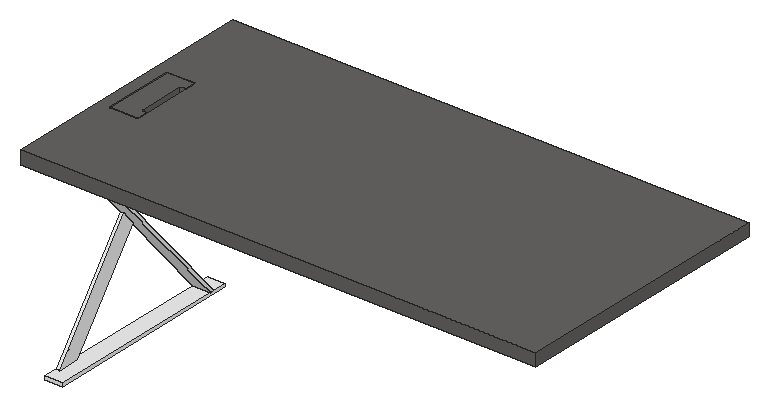
Revit family "Table-Teknion-ZXXR_X_Leg_Run_Off-R2011", category Furniture, Revit 2013
Parameters (values of type "(See Type Catalog)")
  With Grommet = yes
  Width = 70"
  Warranty = "http://www.teknionstudio.com/pdfs/Teknion%20Studio%20Warranty.pdf"
  Unit Weight = 135.00 lbf
  URL = "www.teknionstudio.com"
  Table Top Finish [instance] = Veneer - Teknion - P7 - Grey Oak
  Series = "B&B Italia"
  Product Page URL = "http://www.teknionstudio.com/acexecutive/"
  Product Line = "AC Executive"
  Product Documentation Link = "http://www.teknionstudio.com/pricing/ac_executive_ppg.pdf"
  Part Number = "ZXXR"
  Model = ""
  Manufacturer Phone = "919-464-2920"
  Manufacturer Fax = "919-464-2927"
  Manufacturer Email = "customersupport@teknionstudio.com"
  Manufacturer Address = "3940 US 70 Business HWY West, Clayton, NC 27520"
  Manufacturer = "Teknion Studio"  # constant formula
  Low Emitting Material = yes
  Low Emitting Finish = yes
  Height = 29.7244"
  Grommet Void = if(With Grommet, 10 1/2", 2")  # 10 1/2"
  Frame Finish = Metal - Teknion - C6 - Chrome
  Description = ""
  Depth = 36"
  Assembly Code = "E2020200"
Reference planes (in)
  plane 1 "Center F/B": y = 0
  plane 2: z = 0
  plane 3 "Center L/R": x = 0
  plane 4 "Left": x = -35
  plane 5 "Right": x = 35
  plane 6 "Back": y = 18
  plane 7 "Front": y = -18
  plane 8 "Top": z = 29.7244
  plane 9: z = 27.9527
  plane 10: y = 13.77955
  plane 11: y = -13.77955
  plane 12: z = 19.7244
  plane 13: z = 30.2244
Forms (in)
  Sweep 1, solid, material "Veneer - Teknion - P7 - Grey Oak" <- "Table Top Finish"
    path origin (0, 0, 15.40683) x (-1, 0, 0) y (0, -1, 0)
      loop
        line (-35, 0) -> (35, 0)
    profile origin (0, 0, 15.40683) x (0, -1, 0) y (0, 0, 1)
      loop
        line (-18, 14.31757) -> (-18, 12.54587) -> (18, 12.54587) -> (18, 14.31757) -> (-18, 14.31757)
  Sweep 2, solid, material "Metal - Teknion - C6 - Chrome" <- "Frame Finish"
    path origin (0, 0, 29.7244) x (-1, 0, 0) y (0, -1, 0)
      loop
        line (0, -13.77955) -> (0, 13.77955)
    profile origin (0, 0, 29.7244) x (1, 0, 0) y (0, 0, 1)
      loop
        line (-35, -1.7717) -> (-35, -2.1654) -> (-32.6378, -2.1654) -> (-32.6378, -1.7717) -> (-35, -1.7717)
      loop
        line (-35, -29.3307) -> (-35, -29.7244) -> (-32.6378, -29.7244) -> (-32.6378, -29.3307) -> (-35, -29.3307)
  Sweep 3, solid, material "Metal - Teknion - C6 - Chrome" <- "Frame Finish"
    path origin (0, 0, 29.7244) x (-1, 0, 0) y (0, -1, 0)
      loop
        line (32.6378, 10.6496) -> (-32.6378, 10.6496)
    profile origin (0, -10.6496, 29.7244) x (0, 1, 0) y (0, 0, 1)
      loop
        line (0.49215, -2.756) -> (0.49215, -1.7717) -> (-0.49215, -1.7717) -> (-0.49215, -2.756) -> (0.49215, -2.756)
  Sweep 4, solid, material "Metal - Teknion - C6 - Chrome" <- "Frame Finish"
    path origin (0, 0, 0) x (1, 0, 0) y (0, 0, 1)
      loop
        line (-35, 0) -> (-34.6063, 0)
    profile origin (-34.80315, 0, 0) x (0, 0, 1) y (0, -1, 0)
      loop
        line (27.559, -8.84354) -> (0.3937, 11.81102) -> (0.3937, 8.84356) -> (27.559, -11.81099) -> (27.559, -8.84354)
  Sweep 5, solid, material "Metal - Teknion - C6 - Chrome" <- "Frame Finish"
    path origin (0, 0, 0) x (1, 0, 0) y (0, 0, 1)
      loop
        line (-32.6378, 0) -> (-35, 0)
    profile origin (-33.8189, 0, 0) x (0, 0, -1) y (0, -1, 0)
      loop
        line (-27.55905, 11.81102) -> (-27.55905, 11.29418) -> (-0.39369, -11.81102) -> (-0.39369, -11.29418) -> (-27.55905, 11.81102)
  Sweep 6, void
    path origin (0, 0, 0) x (1, 0, 0) y (0, 0, 1)
      loop
        line (0, 19.7244) -> (0, 30.2244)
    profile origin (0, 0, 24.9744) x (-1, 0, 0) y (0, -1, 0)
      loop
        line (29.61319, -3.34646) -> (29.61319, -4.67008)
        arc (29.61319, -4.67008) -> (29.65015, -4.7593) -> (29.73937, -4.79626) r 0.12618
        line (29.73937, -4.79626) -> (33.17402, -4.79626)
        arc (33.17402, -4.79626) -> (33.26324, -4.7593) -> (33.3002, -4.67008) r 0.12618
        line (33.3002, -4.67008) -> (33.3002, 4.67008)
        arc (33.3002, 4.67008) -> (33.26324, 4.7593) -> (33.17402, 4.79626) r 0.12618
        line (33.17402, 4.79626) -> (29.73937, 4.79626)
        arc (29.73937, 4.79626) -> (29.65015, 4.7593) -> (29.61319, 4.67008) r 0.12618
        line (29.61319, 4.67008) -> (29.61319, 3.34646) -> (29.88189, 3.34646)
        arc (29.88189, 3.34646) -> (30.16028, 3.23114) -> (30.27559, 2.95276) r 0.3937
        line (30.27559, 2.95276) -> (30.27559, -2.95276)
        arc (30.27559, -2.95276) -> (30.16028, -3.23114) -> (29.88189, -3.34646) r 0.3937
        line (29.88189, -3.34646) -> (29.61319, -3.34646)
      loop
        arc (29.48819, -4.76378) -> (29.53431, -4.87513) -> (29.64567, -4.92126) r 0.15748
        line (29.64567, -4.92126) -> (33.26772, -4.92126)
        arc (33.26772, -4.92126) -> (33.37907, -4.87513) -> (33.4252, -4.76378) r 0.15748
        line (33.4252, -4.76378) -> (33.4252, 4.76378)
        arc (33.4252, 4.76378) -> (33.37907, 4.87513) -> (33.26772, 4.92126) r 0.15748
        line (33.26772, 4.92126) -> (29.64567, 4.92126)
        arc (29.64567, 4.92126) -> (29.53431, 4.87513) -> (29.48819, 4.76378) r 0.15748
        line (29.48819, 4.76378) -> (29.48819, -4.76378)
Cuts and joins
  Sweep 6 cuts Sweep 4
  joined: Sweep 4, Sweep 5
  Sweep 6 cuts Sweep 1
Lines and regions (in)
  Masking region 1
    outline origin (0, 0, 29.7244) x (-1, 0, 0) y (0, -1, 0)
      loop
        line (35, -18) -> (35, 18) -> (-35, 18) -> (-35, -18) -> (35, -18)
  symbolic lines, visible <- "With Grommet", detail levels fine
    curve 1: arc (-30.27559, 2.95276, 29.7244) -> (-30.16028, 3.23114, 29.7244) -> (-29.88189, 3.34646, 29.7244) r 0.3937
    curve 2: line (-29.88189, 3.34646, 29.7244) -> (-29.48819, 3.34646, 29.7244)
    curve 4: line (-29.48819, -3.34646, 29.7244) -> (-29.88189, -3.34646, 29.7244)
    curve 5: arc (-29.88189, -3.34646, 29.7244) -> (-30.16028, -3.23114, 29.7244) -> (-30.27559, -2.95276, 29.7244) r 0.3937
    curve 6: line (-30.27559, -2.95276, 29.7244) -> (-30.27559, 2.95276, 29.7244)
  symbolic lines, visible <- "With Grommet"
    curve 3: line (-29.48819, 4.76378, 29.7244) -> (-29.48819, -4.76378, 29.7244)
    curve 7: line (-29.64567, -4.92126, 29.7244) -> (-33.26772, -4.92126, 29.7244)
    curve 8: arc (-29.64567, -4.92126, 29.7244) -> (-29.53431, -4.87513, 29.7244) -> (-29.48819, -4.76378, 29.7244) r 0.15748
    curve 9: arc (-33.4252, -4.76378, 29.7244) -> (-33.37907, -4.87513, 29.7244) -> (-33.26772, -4.92126, 29.7244) r 0.15748
    curve 10: line (-33.4252, -4.76378, 29.7244) -> (-33.4252, 4.76378, 29.7244)
    curve 11: arc (-29.48819, 4.76378, 29.7244) -> (-29.53431, 4.87513, 29.7244) -> (-29.64567, 4.92126, 29.7244) r 0.15748
    curve 12: line (-33.26772, 4.92126, 29.7244) -> (-29.64567, 4.92126, 29.7244)
    curve 13: arc (-29.64567, 4.92126, 29.7244) -> (-29.53431, 4.87513, 29.7244) -> (-29.48819, 4.76378, 29.7244) r 0.15748
    curve 14: arc (-33.4252, 4.76378, 29.7244) -> (-33.37907, 4.87513, 29.7244) -> (-33.26772, 4.92126, 29.7244) r 0.15748
  symbolic lines, style "FurnitureHiddenLines", detail levels medium+fine
    curve 15: line (-35, 13.77955, 29.7244) -> (-32.6378, 13.77955, 29.7244)
    curve 16: line (-32.6378, 13.77955, 29.7244) -> (-32.6378, -13.77955, 29.7244)
    curve 17: line (-32.6378, -13.77955, 29.7244) -> (-35, -13.77955, 29.7244)
Dimensions and locks (in)
  "Height": plane 8 "Top" to plane 2
  equal spacing: plane 4 "Left", plane 3 "Center L/R", plane 5 "Right"
  "Width": plane 4 "Left" to plane 5 "Right"
  equal spacing: plane 6 "Back", plane 1 "Center F/B", plane 7 "Front"
  "Depth": plane 6 "Back" to plane 7 "Front"
  locked: plane 8 "Top" to plane 9 at 1.7717
  locked: plane 9 to Sweep 2 sketch curve at 0.3937
  locked: plane 4 "Left" to Sweep 2 sketch curve at 2.3622  (x2)
  locked: Sweep 2 sketch curve to plane 2 at 0.3937
  locked: plane 1 "Center F/B" to plane 10 at 13.77955
  equal spacing: plane 10, plane 1 "Center F/B", plane 11
  locked: Sweep 3 sketch curve to plane 1 "Center F/B" at 10.6496
  locked: plane 4 "Left" to Sweep 3 sketch curve at 2.3622
  locked: Sweep 3 sketch curve to plane 5 "Right" at 2.3622
  locked: Sweep 3 sketch curve to plane 9 at 0.9843
  equal spacing: Sweep 3 sketch curve, profile plane, Sweep 3 sketch curve, locked at 0.49215 each
  locked: Sweep 4 sketch curve to plane 4 "Left" at 0.3937
  locked: plane 9 to Sweep 4 sketch curve at 0.3937
  locked: Sweep 4 sketch curve to plane 2 at 0.3937
  locked: Sweep 4 sketch curve to Sweep 4 sketch curve at 2.3622
  Sweep 4 sketch curve to plane 1 "Center F/B" to Sweep 4 sketch curve = 11.81099" locked, 11.81102" locked
  locked: Sweep 5 sketch curve to plane 4 "Left" at 2.3622
  locked: Sweep 5 sketch curve to Sweep 5 sketch curve at 0.3937
  locked: plane 9 to Sweep 5 sketch curve at 0.39365
  locked: Sweep 5 sketch curve to plane 2 at 0.39369
  Sweep 5 sketch curve to plane 1 "Center F/B" to Sweep 5 sketch curve = 11.81102" locked, 11.81102" locked
  locked: plane 8 "Top" to plane 12 at 10
  "Grommet Void": plane 13 to plane 12
  locked: plane 4 "Left" to Sweep 6 sketch curve at 5.51181
  Sweep 6 sketch curve to plane 1 "Center F/B" to Sweep 6 sketch curve = 3.34646" locked, 3.34646" locked
  locked: Sweep 6 sketch curve to Sweep 6 sketch curve at 0.7874
  Sweep 6 sketch curve to plane 1 "Center F/B" to Sweep 6 sketch curve = 4.92126" locked, 4.92126" locked
  locked: plane 4 "Left" to curve 16 at 2.3622
  aligned and locked: level to plane 2
  aligned and locked: Sweep 1 sketch curve to plane 1 "Center F/B"
  aligned and locked: plane 4 "Left" to Sweep 1 sketch curve
  aligned and locked: plane 5 "Right" to Sweep 1 sketch curve
  aligned and locked: plane 9 to Sweep 1 sketch curve
  aligned and locked: Sweep 1 sketch curve to plane 8 "Top"
  aligned and locked: Sweep 1 sketch curve to plane 7 "Front"
  aligned and locked: Sweep 1 sketch curve to plane 6 "Back"
  aligned and locked: Sweep 2 sketch curve to plane 3 "Center L/R"
  aligned and locked: plane 10 to Sweep 2 sketch curve
  aligned and locked: plane 11 to Sweep 2 sketch curve
  aligned and locked: plane 4 "Left" to Sweep 2 sketch curve  (x2)
  aligned and locked: Sweep 2 sketch curve to plane 9
  aligned and locked: plane 2 to Sweep 2 sketch curve
  aligned and locked: plane 9 to Sweep 3 sketch curve
  aligned and locked: Sweep 4 sketch curve to plane 2
  aligned and locked: plane 4 "Left" to Sweep 4 sketch curve
  aligned and locked: plane 2 to Sweep 5 sketch curve
  aligned and locked: plane 4 "Left" to Sweep 5 sketch curve
  aligned and locked: plane 3 "Center L/R" to Sweep 6 sketch curve
  aligned and locked: plane 13 to Sweep 6 sketch curve
  aligned and locked: plane 12 to Sweep 6 sketch curve
  aligned and locked: Masking region 1 sketch curve to plane 6 "Back"
  aligned and locked: Masking region 1 sketch curve to plane 7 "Front"
  aligned and locked: Masking region 1 sketch curve to plane 5 "Right"
  aligned and locked: Masking region 1 sketch curve to plane 4 "Left"
  aligned and locked: curve 1 to cut or joined group of Sweep 1, Sweep 6
  aligned and locked: curve 4 to cut or joined group of Sweep 1, Sweep 6
  aligned and locked: curve 5 to cut or joined group of Sweep 1, Sweep 6
  aligned and locked: curve 13 to curve 11
  aligned and locked: curve 12 to curve 11
  aligned and locked: curve 14 to cut or joined group of Sweep 1, Sweep 6
  aligned and locked: plane 4 "Left" to curve 15
  aligned and locked: plane 4 "Left" to curve 17
  aligned and locked: plane 11 to curve 17
  aligned and locked: curve 15 to plane 10
Automatic sketch dimensions
  profile plane to Sweep 3 sketch curve = 0.49215"
  Sweep 6 sketch curve to Sweep 6 sketch curve = 0.0937"  (x8)
  Sweep 6 sketch curve to Sweep 6 sketch curve = 0.6624"
  Sweep 6 sketch curve to Sweep 6 sketch curve = 0.03248"  (x2)
  Sweep 6 sketch curve to Sweep 6 sketch curve = 0.12618"
  Sweep 6 sketch curve to Sweep 6 sketch curve = 0.2687"
  Sweep 6 sketch curve to Sweep 6 sketch curve = 0.3937"
  Sweep 6 sketch curve to Sweep 6 sketch curve = 2.99213"
  Sweep 6 sketch curve to Sweep 6 sketch curve = 2 115/128"
  curve 8 to curve 4 = 0.3937"
  curve 8 to curve 8 = 0.15748"
  curve 11 to curve 12 = 0.15748"
  curve 9 to curve 9 = 0.15748"
  curve 4 to curve 3 = 1.41732"
